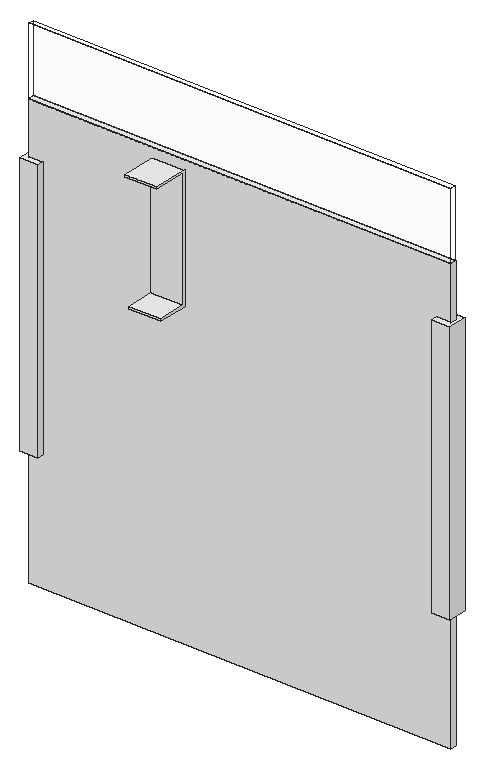
Revit family "Screen-Leg_Mounted-Teknion-JNSEGL-Glass_Elevated-R2018", category Furniture, Revit 2018
Family settings
  OmniClass Number = 23.40.20.00
  OmniClass Title = General Furniture and Specialties
  Work Plane-Based = No
  Always vertical = Yes
  Cut with Voids When Loaded = No
  Shared = Yes
  Room Calculation Point = No
Parameters (values of type "Right Configuration - Standard Width")
  Width [instance] = 18.000"
  Warranty = "http://www.teknion.com/ca/papers/legal-canada"
  Unit Weight URL = "http://www.teknion.com/ca/tools/assets#&asset=bee6a381-b954-425e-8283-5a2de3a804f2,f828d448-4b62-4231-9e5f-9a8991c0ed77"
  URL = "www.teknion.com"
  To render please download texture images found here [instance] = "https://assets.teknion.com/web/5e81352c1dfdb467/revit-material-swatches/"
  Sustainability Data = "https://www.teknion.com/ca/tools/assets#&topic=216f99a5-57a0-44fc-b10a-9dee9b29ae4c&asset=444deb64-fe58-4b68-981e-f75e97781df7,b4ff2d81-9f2e-437d-9659-7cffb09c31cf"
  Standard Width = yes
  Series = "Expansion Cityline"  # constant formula
  Screen Metal Frame Finish [instance] = Mica - Teknion - V - Satin - Very White
  Right = yes
  Product Page URL = "http://www.teknion.com/ca/products/product-details?productlineid=9ad2a26e-8e7a-673b-a6c8-ff05004460c4"
  Product Line = "Expansion Cityline"  # constant formula
  Product Documentation Link = "https://www.teknion.com/pricing/expansion-cityline/pdfs/JNSEGL_ppg.pdf"
  Part Number = "JNSEGL"  # constant formula
  Model = "JNSEGLR10__S"
  Manufacturer Phone = "416-661-3370"  # constant formula
  Manufacturer Fax = "416.661.4586"  # constant formula
  Manufacturer Contact Information = "http://www.teknion.com/ca/contactus"
  Manufacturer Address = "1150 Flint Road, Toronto, ON. M3J 2J5. Canada"  # constant formula
  Manufacturer = "Teknion"  # constant formula
  Left Right Offset = if(Standard Width, 5.331", 6.081")  # 5.331"
  Left = no
  How To Use Teknion Materials User Guide [instance] = "https://assets.teknion.com/m/205dd0a49fa58060/original/How-to-add-a-Material-Library-and-Texture-Images-to-your-Revit-project.pdf"
  Height [instance] = 31.000"
  Glass Finish [instance] = Glass - Teknion - A5 - Standard - Clear
  For Additional Finishes please visit [instance] = "https://assets.teknion.com/m/44a8009b046e5d47/original/Teknion_Materials_Library.zip"
  Double = no
  Description = "Glass Elevated Screen - Leg Mounted, Right Configuration, 10\" Modesty Base Height, Standard Width"
  Back Finish [instance] = Mica - Teknion - V - Satin - Very White
  Available Widths [instance] = if(Double, "36, 48, and 60 inches", "18, 24, and 30 inches")  # "18, 24, and 30 inches"
  Available Heights [instance] = "31,42, and 51 inches"  # constant formula
  Assembly Code = "E2020200"
  Actual Width [instance] = if(Standard Width, if(or(Left, Right), if(or(Width < 18.000", Width = 18.000"), 18.000", if(or(Width > 30.000", Width = 30.000"), 30.000", if(not(Width = 24.000"), 24.000", 24.000"))), if(or(Width < 36.000", Width = 36.000"), 36.000", if(or(Width > 60.000", Width = 60.000"), 60.000", if(not(Width = 48.000"), 48.000", 48.000")))), if(or(Width < 18.000", Width = 18.000"), 18.750", if(or(Width > 30.000", Width = 30.000"), 30.750", if(not(Width = 24.000"), 24.750", 24.750"))))  # 18.000"
  Actual Height [instance] = if(or(Height < 31.000", Height = 31.000"), 31.000", if(or(Height > 51.000", Height = 51.000"), 50.830", 42.000"))  # 31.000"
Types (6): name | Width | Standard Width | Right | Model | Left Right Offset | Left | Height | Double | Description | Available Widths | Actual Width | Actual Height
  (no name) | 18.000" | yes | yes | "JNSEGLR10__S" | 5.331" | no | 31.000" | no | "Glass Elevated Screen - Leg Mounted, Right Configuration, 10\" Modesty Base Height, Standard Width" | "18, 24, and 30 inches" | 18.000" | 31.000"
  Left Configuration - Standard Width | 18.000" | yes | no | "JNSEGLL10__S" | 5.331" | yes | 51.000" | no | "Glass Elevated Screen - Leg Mounted, Left Configuration, 10\" Modesty Base Height, Standard Width" | "18, 24, and 30 inches" | 18.000" | 50.830"
  Right Configuration - Standard Width | 18.000" | yes | yes | "JNSEGLR10__S" | 5.331" | no | 31.000" | no | "Glass Elevated Screen - Leg Mounted, Right Configuration, 10\" Modesty Base Height, Standard Width" | "18, 24, and 30 inches" | 18.000" | 31.000"
  Double- Sided Leg Overlay Configuration | 60.000" | yes | no | "JNSEGLD10__S" | 5.331" | no | 42.000" | yes | "Glass Elevated Screen - Leg Mounted, Double Sided Leg Overlay Configuration, 10\" Modesty Base Height, Standard Width" | "36, 48, and 60 inches" | 60.000" | 42.000"
  Left Configuration - One Side Width Extention | 24.000" | no | no | "JNSEGLL10__O" | 6.081" | yes | 51.000" | no | "Glass Elevated Screen - Leg Mounted, Left Configuration, 10\" Modesty Base Height, One Side Width Extension" | "18, 24, and 30 inches" | 24.750" | 50.830"
  Right Configuration - One Side Width Extention | 18.000" | no | yes | "JNSEGLR10__O" | 6.081" | no | 51.000" | no | "Glass Elevated Screen - Leg Mounted, Right Configuration, 10\" Modesty Base Height, One Side Width Extension" | "18, 24, and 30 inches" | 18.750" | 50.830"
Reference planes (in)
  plane 1 "Center Front/Back": y = 0
  plane 2: z = 0
  plane 3 "Center Left/Right": x = 0
  plane 4 "Left": x = -9
  plane 5 "Right": x = 9
  plane 6 "Back": y = 0.56831
  plane 7 "Front": y = -1.36181
  plane 8 "Top": z = 31
Forms (in)
  Sweep 1, solid, material "Mica - Teknion - V - Satin - Very White" <- "Back Finish"
    path origin (0, 0, 0) x (1, 0, 0) y (0, 0, 1)
      loop
        line (0, 10) -> (0, 28.17402)
    profile origin (0, 0, 19.08701) x (-1, 0, 0) y (0, -1, 0)
      loop
        line (8.84252, -0.31142) -> (8.84252, -0.0752) -> (-8.84252, -0.0752) -> (-8.84252, -0.31142) -> (8.84252, -0.31142)
  Sweep 2, solid, material "Mica - Teknion - V - Satin - Very White" <- "Screen Metal Frame Finish"
    path origin (0, 0, 0) x (1, 0, 0) y (0, 0, 1)
      loop
        line (0, 15) -> (0, 26)
    profile origin (0, 0, 20.5) x (-1, 0, 0) y (0, -1, 0)
      loop
        line (9, -0.56831) -> (9, 0.18169) -> (8.25, 0.18169) -> (8.25, -0.0752) -> (8.84252, -0.0752) -> (8.84252, -0.31142) -> (8.25, -0.31142) -> (8.25, -0.56831) -> (9, -0.56831)
      loop
        line (-9, -0.56831) -> (-8.25, -0.56831) -> (-8.25, -0.31142) -> (-8.84252, -0.31142) -> (-8.84252, -0.0752) -> (-8.25, -0.0752) -> (-8.25, 0.18169) -> (-9, 0.18169) -> (-9, -0.56831)
  Sweep 3, solid, material "Glass - Teknion - A5 - Standard - Clear" <- "Glass Finish"
    path origin (0, 0, 0) x (1, 0, 0) y (0, 0, 1)
      loop
        line (0, 28.17402) -> (0, 31)
    profile origin (0, 0, 29.58701) x (-1, 0, 0) y (0, -1, 0)
      loop
        line (8.84252, -0.31142) -> (8.84252, -0.0752) -> (-8.84252, -0.0752) -> (-8.84252, -0.31142) -> (8.84252, -0.31142)
  Sweep 4, solid, material "Mica - Teknion - V - Satin - Very White" <- "Screen Metal Frame Finish", visible <- "Double"
    path origin (0, 0, 0) x (1, 0, 0) y (0, 1, 0)
      loop
        line (-6.66929, 0) -> (-5.33071, 0)
    profile origin (-6, 0, 0) x (0, 1, 0) y (0, 0, 1)
      loop
        line (-1.36181, 27.76811) -> (-1.36181, 27.69291) -> (0, 27.69291) -> (0, 22.73228) -> (-1.18465, 22.73228) -> (-1.18465, 22.65709) -> (0.0752, 22.65709) -> (0.0752, 27.76811) -> (-1.36181, 27.76811)
  Sweep 5, solid, material "Mica - Teknion - V - Satin - Very White" <- "Screen Metal Frame Finish", visible <- "Double"
    path origin (0, 0, 0) x (1, 0, 0) y (0, 1, 0)
      loop
        line (5.33071, 0) -> (6.66929, 0)
    profile origin (6, 0, 0) x (0, 1, 0) y (0, 0, 1)
      loop
        line (0, 27.69291) -> (0, 22.73228) -> (-1.18465, 22.73228) -> (-1.18465, 22.65709) -> (0.0752, 22.65709) -> (0.0752, 27.76811) -> (-1.36181, 27.76811) -> (-1.36181, 27.69291) -> (0, 27.69291)
  Sweep 6, solid, material "Mica - Teknion - V - Satin - Very White" <- "Screen Metal Frame Finish", visible <- "Left"
    path origin (0, 0, 0) x (1, 0, 0) y (0, 1, 0)
      loop
        line (2.33042, 0) -> (3.669, 0)
    profile origin (2.99971, 0, 0) x (0, 1, 0) y (0, 0, 1)
      loop
        line (0, 27.69291) -> (0, 22.73228) -> (-1.18465, 22.73228) -> (-1.18465, 22.65709) -> (0.0752, 22.65709) -> (0.0752, 27.76811) -> (-1.36181, 27.76811) -> (-1.36181, 27.69291) -> (0, 27.69291)
  Sweep 7, solid, material "Mica - Teknion - V - Satin - Very White" <- "Screen Metal Frame Finish", visible <- "Right"
    path origin (0, 0, 0) x (1, 0, 0) y (0, 1, 0)
      loop
        line (-3.669, 0) -> (-2.33042, 0)
    profile origin (-2.99971, 0, 0) x (0, 1, 0) y (0, 0, 1)
      loop
        line (0.0752, 22.65709) -> (0.0752, 27.76811) -> (-1.36181, 27.76811) -> (-1.36181, 27.69291) -> (0, 27.69291) -> (0, 22.73228) -> (-1.18465, 22.73228) -> (-1.18465, 22.65709) -> (0.0752, 22.65709)
Lines and regions (in)
  Masking region 1
    outline origin (0, 0, 0) x (1, 0, 0) y (0, 1, 0)
      loop
        line (-8.25, 0.31142) -> (-8.25, 0.56831) -> (-9, 0.56831) -> (-9, -0.18169) -> (-8.25, -0.18169) -> (-8.25, 0.0752) -> (-8.84252, 0.0752) -> (-8.84252, 0.31142) -> (-8.25, 0.31142)
      loop
        line (8.25, -0.18169) -> (9, -0.18169) -> (9, 0.56831) -> (8.25, 0.56831) -> (8.25, 0.31142) -> (8.84252, 0.31142) -> (8.84252, 0.0752) -> (8.25, 0.0752) -> (8.25, -0.18169)
  Masking region 2
    outline origin (0, 0, 0) x (1, 0, 0) y (0, 1, 0)
      loop
        line (8.84252, 0.31142) -> (-8.84252, 0.31142) -> (-8.84252, 0.0752) -> (8.84252, 0.0752) -> (8.84252, 0.31142)
  symbolic lines, style "FurnitureHiddenLines", visible <- "Right", detail levels medium+fine
    curve 1: line (-3.669, 0.0752, 0) -> (-3.669, -1.36181, 0)
    curve 2: line (-3.669, -1.36181, 0) -> (-2.33042, -1.36181, 0)
    curve 3: line (-2.33042, -1.36181, 0) -> (-2.33042, 0.0752, 0)
    curve 4: line (-2.33042, 0.0752, 0) -> (-3.669, 0.0752, 0)
  symbolic lines, style "FurnitureHiddenLines", visible <- "Double", detail levels medium+fine
    curve 5: line (-6.66929, 0.0752, 0) -> (-6.66929, -1.36181, 0)
    curve 6: line (-6.66929, -1.36181, 0) -> (-5.33071, -1.36181, 0)
    curve 7: line (-5.33071, -1.36181, 0) -> (-5.33071, 0.0752, 0)
    curve 8: line (-5.33071, 0.0752, 0) -> (-6.66929, 0.0752, 0)
    curve 9: line (5.33071, 0.0752, 0) -> (5.33071, -1.36181, 0)
    curve 10: line (5.33071, -1.36181, 0) -> (6.66929, -1.36181, 0)
    curve 11: line (6.66929, -1.36181, 0) -> (6.66929, 0.0752, 0)
    curve 12: line (6.66929, 0.0752, 0) -> (5.33071, 0.0752, 0)
  symbolic lines, style "FurnitureHiddenLines", visible <- "Left", detail levels medium+fine
    curve 13: line (2.33042, 0.0752, 0) -> (2.33042, -1.36181, 0)
    curve 14: line (2.33042, -1.36181, 0) -> (3.669, -1.36181, 0)
    curve 15: line (3.669, -1.36181, 0) -> (3.669, 0.0752, 0)
    curve 16: line (3.669, 0.0752, 0) -> (2.33042, 0.0752, 0)
  symbolic lines, style "FurnitureHiddenLines", visible <- "Left", detail levels fine
    curve 17: line (2.33042, 0, 0) -> (3.669, 0, 0)
    curve 18: line (2.33042, -1.18465, 0) -> (3.669, -1.18465, 0)
  symbolic lines, style "FurnitureHiddenLines", visible <- "Double", detail levels fine
    curve 19: line (-6.66929, 0, 0) -> (-5.33071, 0, 0)
    curve 20: line (-6.66929, -1.18465, 0) -> (-5.33071, -1.18465, 0)
    curve 21: line (5.33071, 0, 0) -> (6.66929, 0, 0)
    curve 22: line (5.33071, -1.18465, 0) -> (6.66929, -1.18465, 0)
  symbolic lines, style "FurnitureHiddenLines", visible <- "Right", detail levels fine
    curve 23: line (-3.669, 0, 0) -> (-2.33042, 0, 0)
    curve 24: line (-3.669, -1.18465, 0) -> (-2.33042, -1.18465, 0)
Dimensions and locks (in)
  "Actual Width": plane 4 "Left" to plane 5 "Right"
  plane 6 "Back" to plane 7 "Front" = 1.93012"
  "Actual Height": plane 8 "Top" to level
  equal spacing: plane 4 "Left", plane 3 "Center Left/Right", plane 5 "Right"
  plane 6 "Back" to plane 1 "Center Front/Back" to plane 7 "Front" = 0.56831" locked, 1.36181"
  Sweep 1 sketch curve to Sweep 1 sketch curve to level = 18.17402" locked, 10.000" locked
  locked: Sweep 1 sketch curve to plane 5 "Right" at 0.15748
  locked: plane 4 "Left" to Sweep 1 sketch curve at 0.15748
  plane 1 "Center Front/Back" to Sweep 1 sketch curve to Sweep 1 sketch curve = 0.0752" locked, 0.23622" locked
  locked: Sweep 2 sketch curve to level at 15
  plane 6 "Back" to Sweep 2 sketch curve to Sweep 2 sketch curve to Sweep 2 sketch curve = 0.25689" locked, 0.23622" locked, 0.25689" locked  (x2)
  plane 4 "Left" to Sweep 2 sketch curve to Sweep 2 sketch curve to Sweep 2 sketch curve = 0.15748" locked, 0.59252" locked, 0.000" locked
  Sweep 2 sketch curve to Sweep 2 sketch curve to Sweep 2 sketch curve to plane 5 "Right" = 0.000" locked, 0.59252" locked, 0.15748" locked
  locked: Sweep 3 sketch curve to level at 28.17402
  plane 6 "Back" to Sweep 3 sketch curve to Sweep 3 sketch curve = 0.25689" locked, 0.23622" locked
  locked: Sweep 3 sketch curve to plane 5 "Right" at 0.15748
  locked: plane 4 "Left" to Sweep 3 sketch curve at 0.15748
  Sweep 4 sketch curve to Sweep 4 sketch curve to plane 3 "Center Left/Right" = 1.33858" locked, 5.33071" locked
  Sweep 4 sketch curve to Sweep 4 sketch curve to plane 1 "Center Front/Back" to Sweep 4 sketch curve to Sweep 4 sketch curve = 0.0752" locked, 0.000" locked, 1.18465" locked, 0.17717" locked
  Sweep 4 sketch curve to Sweep 4 sketch curve to Sweep 4 sketch curve to Sweep 4 sketch curve to level = 0.0752" locked, 4.96063" locked, 0.0752" locked, 22.65709" locked
  plane 3 "Center Left/Right" to Sweep 5 sketch curve to Sweep 5 sketch curve = 5.33071" locked, 1.33858" locked
  Sweep 5 sketch curve to Sweep 5 sketch curve to Sweep 5 sketch curve to Sweep 5 sketch curve to level = 0.0752" locked, 4.96063" locked, 0.0752" locked, 22.65709" locked
  Sweep 5 sketch curve to plane 1 "Center Front/Back" to Sweep 5 sketch curve to Sweep 5 sketch curve to Sweep 5 sketch curve = 0.0752" locked, 0.000" locked, 1.18465" locked, 0.17717" locked
  "Left Right Offset": Sweep 6 sketch curve to plane 5 "Right"
  locked: Sweep 6 sketch curve to Sweep 6 sketch curve at 1.33858
  Sweep 6 sketch curve to Sweep 6 sketch curve to plane 1 "Center Front/Back" to Sweep 6 sketch curve to Sweep 6 sketch curve = 0.0752" locked, 0.000" locked, 1.18465" locked, 0.17717" locked
  Sweep 6 sketch curve to Sweep 6 sketch curve to Sweep 6 sketch curve to Sweep 6 sketch curve to level = 0.0752" locked, 4.96063" locked, 0.0752" locked, 22.65709" locked
  locked: Sweep 7 sketch curve to Sweep 7 sketch curve at 1.33858
  "Left Right Offset": plane 4 "Left" to Sweep 7 sketch curve
  Sweep 7 sketch curve to Sweep 7 sketch curve to Sweep 7 sketch curve to plane 7 "Front" to Sweep 7 sketch curve = 0.0752" locked, 1.18465" locked, 0.17717" locked, 0.000" locked
  Sweep 7 sketch curve to Sweep 7 sketch curve to Sweep 7 sketch curve to Sweep 7 sketch curve to level = 0.0752" locked, 4.96063" locked, 0.0752" locked, 22.65709" locked
  locked: plane 8 "Top" to Sweep 2 sketch curve at 5
  aligned and locked: level to plane 2
  aligned and locked: plane 3 "Center Left/Right" to Sweep 1 sketch curve
  aligned and locked: plane 3 "Center Left/Right" to Sweep 2 sketch curve
  aligned and locked: plane 4 "Left" to Sweep 2 sketch curve
  aligned and locked: Sweep 2 sketch curve to plane 6 "Back"
  aligned and locked: plane 6 "Back" to Sweep 2 sketch curve
  aligned and locked: Sweep 2 sketch curve to plane 5 "Right"
  aligned and locked: plane 3 "Center Left/Right" to Sweep 3 sketch curve
  aligned and locked: plane 8 "Top" to Sweep 3 sketch curve
  aligned and locked: plane 1 "Center Front/Back" to Sweep 4 sketch curve
  aligned and locked: plane 1 "Center Front/Back" to Sweep 5 sketch curve
  aligned and locked: plane 1 "Center Front/Back" to Sweep 6 sketch curve
  aligned and locked: plane 1 "Center Front/Back" to Sweep 7 sketch curve
  aligned and locked: Masking region 1 sketch curve to Sweep 2  (x16)
  aligned and locked: Masking region 2 sketch curve to Sweep 3  (x4)
  aligned and locked: curve 1 to Sweep 7
  aligned and locked: curve 2 to Sweep 7
  aligned and locked: curve 3 to Sweep 7
  aligned and locked: curve 4 to Sweep 7
  aligned and locked: curve 5 to Sweep 4
  aligned and locked: curve 6 to Sweep 4
  aligned and locked: curve 7 to Sweep 4
  aligned and locked: curve 8 to Sweep 4
  aligned and locked: curve 9 to Sweep 5
  aligned and locked: curve 10 to Sweep 5
  aligned and locked: curve 11 to Sweep 5
  aligned and locked: curve 12 to Sweep 5
  aligned and locked: curve 13 to Sweep 6
  aligned and locked: curve 14 to Sweep 6
  aligned and locked: curve 15 to Sweep 6
  aligned and locked: curve 16 to Sweep 6
  aligned and locked: curve 17 to Sweep 6
  aligned and locked: curve 18 to Sweep 6
  aligned and locked: curve 19 to Sweep 4
  aligned and locked: curve 20 to Sweep 4
  aligned and locked: curve 21 to Sweep 5
  aligned and locked: curve 22 to Sweep 5
  aligned and locked: curve 23 to Sweep 7
  aligned and locked: curve 24 to Sweep 7
